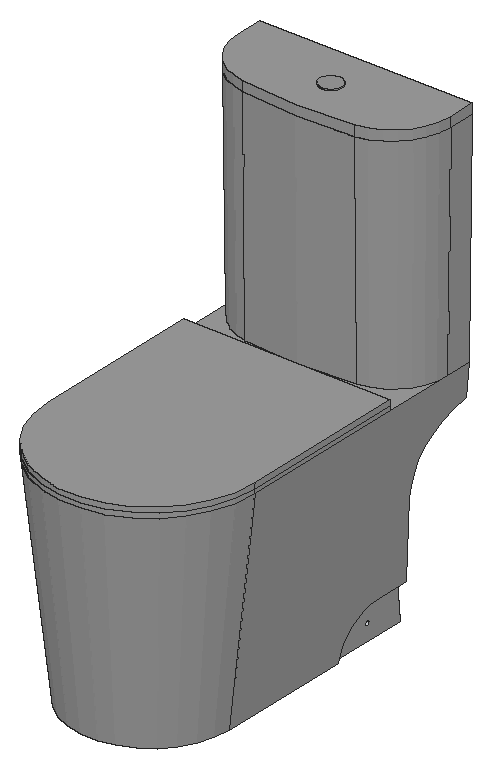
Revit family "WC NEO PISO 30", category Plumbing Fixtures, Revit 2014
Reference planes
  plane 1 "Center (Front/Back)": y = 0
  plane 2: z = 0
  plane 3 "Center (Left/Right)": x = 0
Forms (mm)
  Blend 1, solid
    base sketch origin (0, 0, 0) x (1, 0, 0) y (0, 1, 0)
      loop
        line (0, 0) -> (-142.5, 0) -> (-142.5, -487.5)
        arc (-142.5, -487.5) -> (0, -630) -> (142.5, -487.5) r 142.5
        line (142.5, -487.5) -> (142.5, 0) -> (0, 0)
    top sketch origin (0, 0, 0) x (1, 0, 0) y (0, 1, 0)
      loop
        line (0, 0) -> (-187.5, 0) -> (-187.5, -487.5)
        arc (-187.5, -487.5) -> (0, -675) -> (187.5, -487.5) r 187.5
        line (187.5, -487.5) -> (187.5, 0) -> (0, 0)
    from 0 to 400
  Blend 2, solid
    base sketch origin (0, 0, 0) x (1, 0, 0) y (0, 1, 0)
      loop
        line (-187.5, 0) -> (-187.5, -48.75)
        arc (-187.5, -48.75) -> (-163.069, -114.243) -> (-101.713, -147.735) r 100
        arc (-101.713, -147.735) -> (0, -155) -> (101.713, -147.735) r 715.625
        arc (101.713, -147.735) -> (163.069, -114.243) -> (187.5, -48.75) r 100
        line (187.5, -48.75) -> (187.5, 0) -> (-187.5, 0)
    top sketch origin (0, 0, 0) x (1, 0, 0) y (0, 1, 0)
      loop
        line (-192.5, 0) -> (-192.5, -48.75)
        arc (-192.5, -48.75) -> (-166.847, -117.518) -> (-102.424, -152.684) r 105
        arc (-102.424, -152.684) -> (0, -160) -> (102.424, -152.684) r 720.625
        arc (102.424, -152.684) -> (166.847, -117.518) -> (192.5, -48.75) r 105
        line (192.5, -48.75) -> (192.5, 0) -> (-192.5, 0)
    from 400 to 806.532
  Extrusion 3, solid
    sketch origin (0, 0, 0) x (1, 0, 0) y (0, 1, 0)
      loop
        line (-192.5, 0) -> (-192.5, -48.75)
        arc (-192.5, -48.75) -> (-166.847, -117.518) -> (-102.424, -152.684) r 105
        arc (-102.424, -152.684) -> (0, -160) -> (102.424, -152.684) r 720.625
        arc (102.424, -152.684) -> (166.847, -117.518) -> (192.5, -48.75) r 105
        line (192.5, -48.75) -> (192.5, 0) -> (-192.5, 0)
    from 806.532 to 825
  Extrusion 4, void
    sketch origin (0, 0, 0) x (0, 1, 0) y (0, 0, 1)
      loop
        arc (0, 340) -> (-38.48, 329.324) -> (-72.945, 309.151) r 154.654
        arc (-72.945, 309.151) -> (-103.331, 270.16) -> (-111.329, 221.377) r 100
        line (-111.329, 221.377) -> (-91.961, 0) -> (0, 0) -> (0, 340)
    from -192.5 to 192.5
  Extrusion 5, void
    sketch origin (0, 0, 0) x (0, 1, 0) y (0, 0, 1)
      loop
        line (-91.961, 0) -> (-98.317, 72.659) -> (-164.115, 72.659)
        arc (-164.115, 72.659) -> (-217.16, 51.643) -> (-241.416, 0) r 77.449
        line (-241.416, 0) -> (-91.961, 0)
    from 134.584 to 164.736
  Extrusion 6, void
    sketch origin (0, 0, 0) x (0, 1, 0) y (0, 0, 1)
      loop
        line (-98.601, 75.899) -> (-161.676, 75.899)
        arc (-161.676, 75.899) -> (-215.89, 53.76) -> (-239.11, 0) r 77.449
        line (-239.11, 0) -> (-91.961, 0) -> (-98.601, 75.899)
    from -170.082 to -134.194
  Extrusion 7, solid
    sketch origin (0, 0, 0) x (1, 0, 0) y (0, 1, 0)
      loop
        line (-187.5, -180) -> (-187.5, -487.5)
        arc (-187.5, -487.5) -> (0, -675) -> (187.5, -487.5) r 187.5
        line (187.5, -487.5) -> (187.5, -180) -> (-187.5, -180)
    from 400 to 409.367
  Extrusion 8, solid
    sketch origin (0, 0, 0) x (1, 0, 0) y (0, 1, 0)
      loop
        line (187.5, -180) -> (-187.5, -180) -> (-187.5, -487.5)
        arc (-187.5, -487.5) -> (0, -675) -> (187.5, -487.5) r 187.5
        line (187.5, -487.5) -> (187.5, -180)
    from 409.367 to 418.628
  Extrusion 9, solid
    sketch origin (0, 0, 0) x (1, 0, 0) y (0, 1, 0)
      loop
        circle (0, -80) r 20
    from 825 to 826.318
  Extrusion 10, solid
    sketch origin (0, 0, 0) x (1, 0, 0) y (0, 1, 0)
      loop
        circle (0, -300) r 50
      loop
        circle (0, -300) r 40
    from 0 to 52.062
  Extrusion 11, void
    sketch origin (0, 0, 0) x (0, 1, 0) y (0, 0, 1)
      loop
        circle (-165.535, 30) r 5
    from -153.558 to 156.814
Cuts and joins
  Extrusion 4, Extrusion 5, Extrusion 6, Extrusion 11 cuts Blend 1
Dimensions and locks
  aligned and locked: level to plane 2
Connectors
  piping at (0, -300, 0), diameter 100
    settings: on Extrusion 10, index 1, connector inside diameter 609.6 mm, connector length 0 mm, flow factor 0, pipe flow 0.0 L/s, pressure drop 0.0 Pa, fitting loss kfactor 0, connector angle 0.00°, fixture units 0, engagement length 0 mm, angle of deflection 0.00°, flow configuration 0, flow direction 0, fitting loss method 0, system type 7, joint type 0, gender type 0, connector reference index -1, connector utility 0, adjustable connector no, is connector primary yes, connector description ""
